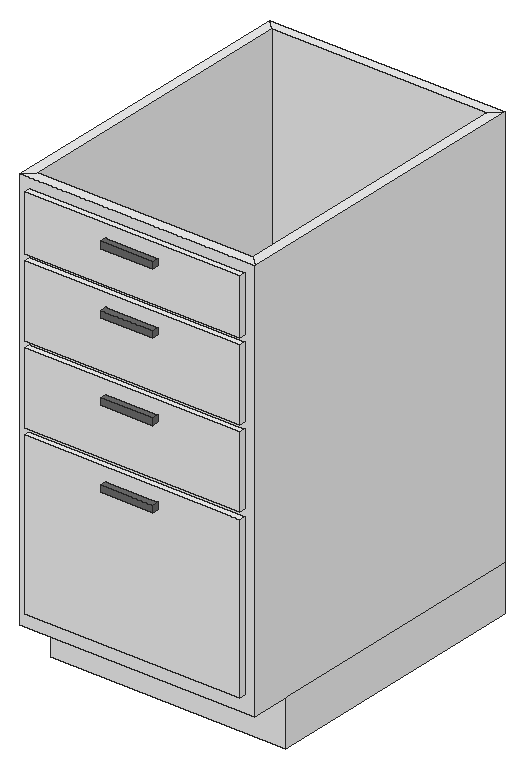
Revit family "8462a27c0e57471f9dd9e5c8f6dac48a", category Casework, Revit 2021
Family settings
  OmniClass Number = 23.40.35.17.47.11
  OmniClass Title = Kitchen Casework
  Seek Item ID = Base Cabinet-4 Drawers-0000-USA-ENU
  Work Plane-Based = No
  Always vertical = Yes
  Cut with Voids When Loaded = No
  Shared = No
  Room Calculation Point = No
Parameters (values of type "18"")
  Default Elevation = 0' - 0"
  Assembly Code = "C1030410"
  Cabinet Material = none
  Depth = 2' - 0"
  Door/Drawer Material = none
  Handle Material = Cabinets - Handles
  Height = 2' - 10 1/2"
  Toe Depth = 0' - 3"
  Toe Height = 0' - 3 1/2"
  Width = 1' - 6"
Types (6): name | Door/Drawer Material | Handle Material | Width
  (no name) | none | Cabinets - Handles | 1' - 6"
  18" | none | Cabinets - Handles | 1' - 6"
  24" | Cabinets | none | 2' - 0"
  12" | none | Cabinets - Handles | 1' - 0"
  15" | none | Cabinets - Handles | 1' - 3"
  21" | none | Cabinets - Handles | 1' - 9"
Reference planes (in)
  plane 1 "Back": y = 0
  plane 2: z = 0
  plane 3 "Center": x = 0.7377
  plane 4 "Left": x = -8.2623
  plane 5 "Right": x = 9.7377
  plane 6 "Front": y = -24
  plane 7 "Top": z = 34.5
  plane 8: y = -21
  plane 9: z = 3.5
  plane 10: z = 33.75
  plane 11: z = 4.25
  plane 12: x = -7.5123
  plane 13: x = 8.9877
  plane 14: z = 29
  plane 15: x = -1.2623
  plane 16: x = 2.7377
  plane 17: z = 32.75
  plane 18: z = 32.25
  plane 19: z = 23
  plane 20: z = 17
  plane 21: z = 28
  plane 22: z = 27.5
  plane 23: z = 22
  plane 24: z = 21.5
  plane 25: z = 16
  plane 26: z = 15.5
Forms (in)
  Extrusion 1, solid, material <- "Cabinet Material"
    sketch origin (0, 0, 0) x (1, 0, 0) y (0, 1, 0)
      loop
        line (-8.2623, 0) -> (-8.2623, -21) -> (9.7377, -21) -> (9.7377, 0) -> (-8.2623, 0)
    from 0 to 3.5
  Sweep 2, solid, material <- "Cabinet Material"
    path origin (0, 0, 0) x (1, 0, 0) y (0, 1, 0)
      loop
        line (9.7377, 0) -> (-8.2623, 0) -> (-8.2623, -24) -> (9.7377, -24) -> (9.7377, 0)
    profile origin (0, -12, 0) x (1, 0, 0) y (0, 0, 1)
      loop
        line (9.7377, 3.5) -> (9.7377, 34.5) -> (8.9877, 34.5) -> (8.9877, 3.5) -> (9.7377, 3.5)
  Extrusion 3, solid, material <- "Cabinet Material"
    sketch origin (0, 0, 0) x (1, 0, 0) y (0, 1, 0)
      loop
        line (-7.5123, -0.75) -> (-7.5123, -23.25) -> (8.9877, -23.25) -> (8.9877, -0.75) -> (-7.5123, -0.75)
    from 4.25 to 3.5
  Extrusion 4, solid, material <- "Door/Drawer Material"
    sketch origin (0, -24, 0) x (1, 0, 0) y (0, 0, 1)
      loop
        line (-7.5123, 33.75) -> (-7.5123, 29.5) -> (8.9877, 29.5) -> (8.9877, 33.75) -> (-7.5123, 33.75)
      loop
        line (-7.5123, 29) -> (-7.5123, 23.5) -> (8.9877, 23.5) -> (8.9877, 29) -> (-7.5123, 29)
      loop
        line (-7.5123, 23) -> (-7.5123, 17.5) -> (8.9877, 17.5) -> (8.9877, 23) -> (-7.5123, 23)
      loop
        line (-7.5123, 17) -> (-7.5123, 4.75) -> (8.9877, 4.75) -> (8.9877, 17) -> (-7.5123, 17)
    from 0 to 0.5
  Extrusion 5, solid, material "Cabinets - Handles" <- "Handle Material"
    sketch origin (0, -24, 0) x (1, 0, 0) y (0, 0, 1)
      loop
        line (-1.2623, 32.75) -> (-1.2623, 32.25) -> (2.7377, 32.25) -> (2.7377, 32.75) -> (-1.2623, 32.75)
      loop
        line (-1.2623, 28) -> (-1.2623, 27.5) -> (2.7377, 27.5) -> (2.7377, 28) -> (-1.2623, 28)
      loop
        line (-1.2623, 22) -> (-1.2623, 21.5) -> (2.7377, 21.5) -> (2.7377, 22) -> (-1.2623, 22)
      loop
        line (-1.2623, 16) -> (-1.2623, 15.5) -> (2.7377, 15.5) -> (2.7377, 16) -> (-1.2623, 16)
    from 0.5 to 1
Lines and regions (in)
  Masking region 1
    outline origin (0, 0, 0) x (1, 0, 0) y (0, 1, 0)
      loop
        line (-8.2623, 0) -> (-8.2623, -24) -> (9.7377, -24) -> (9.7377, 0) -> (-8.2623, 0)
  model lines
    curve 1: line (8.9877, -24, 29) -> (-7.5123, -24, 29)
    curve 2: line (-7.5123, -24, 33.75) -> (8.9877, -24, 33.75)
    curve 3: line (8.9877, -24, 4.25) -> (-7.5123, -24, 4.25)
    curve 4: line (8.9877, -24, 33.75) -> (8.9877, -24, 4.25)
    curve 5: line (-7.5123, -24, 4.25) -> (-7.5123, -24, 33.75)
    curve 6: line (-1.2623, -24, 32.75) -> (2.7377, -24, 32.75)
    curve 7: line (-1.2623, -24, 32.25) -> (-1.2623, -24, 32.75)
    curve 8: line (2.7377, -24, 32.25) -> (-1.2623, -24, 32.25)
    curve 9: line (2.7377, -24, 32.75) -> (2.7377, -24, 32.25)
    curve 10: line (-7.5123, -24, 23) -> (8.9877, -24, 23)
    curve 11: line (-1.2623, -24, 28) -> (2.7377, -24, 28)
    curve 12: line (-1.2623, -24, 27.5) -> (-1.2623, -24, 28)
    curve 13: line (2.7377, -24, 27.5) -> (-1.2623, -24, 27.5)
    curve 14: line (2.7377, -24, 28) -> (2.7377, -24, 27.5)
    curve 15: line (2.7377, -24, 22) -> (-1.2623, -24, 22)
    curve 16: line (2.7377, -24, 21.5) -> (2.7377, -24, 22)
    curve 17: line (-1.2623, -24, 21.5) -> (2.7377, -24, 21.5)
    curve 18: line (-1.2623, -24, 22) -> (-1.2623, -24, 21.5)
    curve 19: line (-7.5123, -24, 17) -> (8.9877, -24, 17)
    curve 20: line (2.7377, -24, 16) -> (-1.2623, -24, 16)
    curve 21: line (2.7377, -24, 15.5) -> (2.7377, -24, 16)
    curve 22: line (-1.2623, -24, 15.5) -> (2.7377, -24, 15.5)
    curve 23: line (-1.2623, -24, 16) -> (-1.2623, -24, 15.5)
Dimensions and locks (in)
  "Depth": plane 6 "Front" to plane 1 "Back"
  "Width": plane 4 "Left" to plane 5 "Right"
  equal spacing: plane 4 "Left", plane 3 "Center", plane 5 "Right"
  "Height": level to plane 7 "Top"
  "Toe Height": plane 2 to plane 9
  "Toe Depth": plane 6 "Front" to plane 8
  locked: plane 4 "Left" to plane 12 at 0.75
  locked: plane 13 to plane 5 "Right" at 0.75
  locked: plane 7 "Top" to plane 10 at 0.75
  locked: plane 11 to plane 9 at 0.75
  plane 15 to plane 3 "Center" to plane 16 = 0' - 2" locked, 0' - 2" locked
  plane 10 to plane 17 to plane 18 = 0' - 1" locked, 0' - 0 1/2" locked
  plane 14 to plane 21 to plane 22 = 0' - 1" locked, 0' - 0 1/2" locked
  plane 19 to plane 23 to plane 24 = 0' - 1" locked, 0' - 0 1/2" locked
  plane 20 to plane 25 to plane 26 = 0' - 1" locked, 0' - 0 1/2" locked
  locked: plane 10 to plane 14 at 4.75
  locked: plane 14 to plane 19 at 6
  locked: plane 19 to plane 20 at 6
  aligned and locked: plane 1 "Back" to Extrusion 1 sketch curve
  aligned and locked: Extrusion 1 sketch curve to plane 5 "Right"
  aligned and locked: Extrusion 1 sketch curve to plane 8
  aligned and locked: plane 4 "Left" to Extrusion 1 sketch curve
  aligned and locked: Extrusion 1 to level
  aligned and locked: Sweep 2 sketch curve to plane 6 "Front"
  aligned and locked: plane 1 "Back" to Sweep 2 sketch curve
  aligned and locked: Sweep 2 sketch curve to plane 5 "Right"  (x2)
  aligned and locked: plane 4 "Left" to Sweep 2 sketch curve
  aligned and locked: plane 7 "Top" to Sweep 2 sketch curve
  aligned and locked: plane 9 to Sweep 2 sketch curve
  aligned and locked: Sweep 2 to Extrusion 3 sketch curve  (x2)
  aligned and locked: Extrusion 3 sketch curve to Sweep 2  (x2)
  aligned and locked: plane 11 to Extrusion 3
  aligned and locked: Extrusion 3 to plane 9
  aligned and locked: plane 9 to Extrusion 1
  aligned and locked: Masking region 1 sketch curve to plane 6 "Front"
  aligned and locked: Masking region 1 sketch curve to plane 5 "Right"
  aligned and locked: plane 4 "Left" to Masking region 1 sketch curve
  aligned and locked: plane 1 "Back" to Masking region 1 sketch curve
Automatic sketch dimensions
  profile plane to Sweep 2 sketch curve = 0' - 0 3/4"
  curve 4 to plane 10 = 0' - 0"
  curve 4 to plane 13 = 0' - 0"
  curve 20 to plane 16 = 0' - 0"
  curve 6 to plane 16 = 0' - 0"
  curve 16 to plane 16 = 0' - 0"
  curve 11 to plane 16 = 0' - 0"
  curve 7 to plane 15 = 0' - 0"
  curve 11 to plane 15 = 0' - 0"
  curve 15 to plane 15 = 0' - 0"
  curve 20 to plane 15 = 0' - 0"
  curve 10 to plane 12 = 0' - 0"
  curve 9 to plane 17 = 0' - 0"
  curve 9 to plane 18 = 0' - 0"
  curve 1 to plane 14 = 0' - 0"
  curve 12 to plane 21 = 0' - 0"
  curve 12 to plane 22 = 0' - 0"
  curve 10 to plane 19 = 0' - 0"
  curve 18 to plane 23 = 0' - 0"
  curve 16 to plane 24 = 0' - 0"
  curve 19 to plane 20 = 0' - 0"
  curve 20 to plane 25 = 0' - 0"
  curve 21 to plane 26 = 0' - 0"
  curve 3 to plane 11 = 0' - 0"
  Extrusion 4 sketch curve to plane 12 = 0' - 0"  (x4)
  Extrusion 4 sketch curve to plane 10 = 0' - 0"
  Extrusion 4 sketch curve to plane 13 = 0' - 0"  (x4)
  Extrusion 4 sketch curve to plane 20 = 0' - 0"
  Extrusion 4 sketch curve to plane 19 = 0' - 0"
  Extrusion 4 sketch curve to plane 14 = 0' - 0"
  Extrusion 4 sketch curve to plane 11 = 0' - 0 1/2"
  Extrusion 4 sketch curve to Extrusion 4 sketch curve = 0' - 0 1/2"  (x3)
  Extrusion 5 sketch curve to plane 15 = 0' - 0"  (x4)
  Extrusion 5 sketch curve to plane 16 = 0' - 0"  (x4)
  Extrusion 5 sketch curve to plane 26 = 0' - 0"
  Extrusion 5 sketch curve to plane 25 = 0' - 0"
  Extrusion 5 sketch curve to plane 24 = 0' - 0"
  Extrusion 5 sketch curve to plane 23 = 0' - 0"
  Extrusion 5 sketch curve to plane 22 = 0' - 0"
  Extrusion 5 sketch curve to plane 21 = 0' - 0"
  Extrusion 5 sketch curve to plane 18 = 0' - 0"
  Extrusion 5 sketch curve to plane 17 = 0' - 0"
